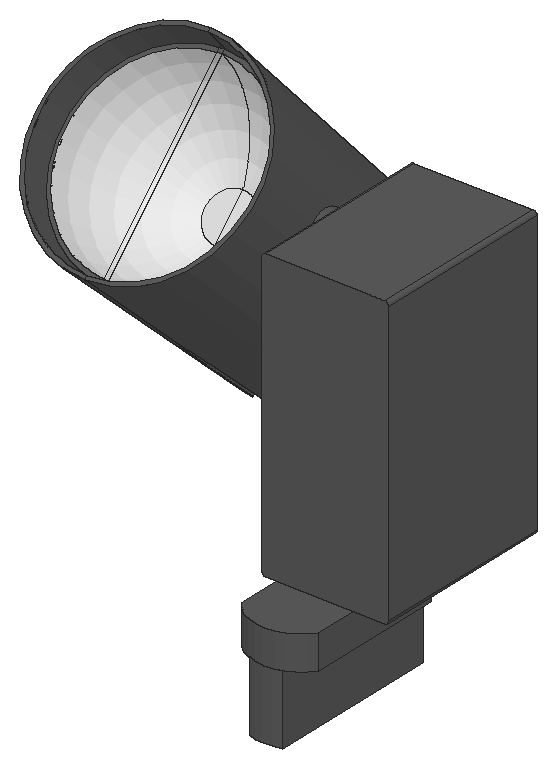
Revit family "0004835 Feilo Sylvania Lighting Fixture START TRACK SPOT S 14W 3K RA80 NB BLACK", category Lighting Fixtures, host Face, Revit 2017 (continued)
Definition of nested family "Start Track Spot Head"
  Types (96, lengths in mm): name | Wattage | built-in parameter 1150134 | Photometric Web File | Model | built-in parameter 1150105 | Lumens | built-in parameter 1150107 | built-in parameter 1150106 | HeadThickness_FEILO | HeadRibOffset_FEILO | HeadRibDepth_FEILO | HeadRibCutWidth_FEILO | HeadRibCutOffset_FEILO | HeadReflectorRadius_FEILO | HeadReflectorOffset_FEILO | HeadLEDRadius_FEILO | HeadHeight_FEILO | HeadDiffusorOffset_FEILO | HeadDiaOut_FEILO | HeadDiaIn_FEILO | HeadAxisFromTop_FEILO | Emit from Circle Diameter | built-in parameter 1150104 | Description | Apparent Load
    0004812 START TRACK SPOT S 14W 3K RA80 MB WHITE | 14 W | (empty or 0) | "0004812.ies" | "START TRACK SPOT S 14W 3K RA80 MB WHITE" | 120.32 (stored number, unit not read) | 1512 lm | 3000 (stored number, unit not read) | 1.2032 (stored number, unit not read) | 1.5 | 4.179 | 55.714 | 7.167 | 50.87 | 50.588 | 55.714 | 9.556 | 117 | 9.435 | 86 | 77.477 | 69.354 | 77.477 | 10.034 (stored number, unit not read) | "Integrated LED spotlight, Textured White - RAL9016, compact and minimalist design, ideal for retail applications, die-cast aluminium body, passive cooling heatsink. Beam angle: 36°, color temperature: 3000K , total system power: 14W, total fixture output: 1508 lm, LOR: 100%, colour rendering: Ra: 80 typical, LED Chromaticity: 3 step MacAdam ellipse, lifetime: >50000 hours at L70B50, energy class: A++, A+, A, IR/UV free light source without heat radiation, operating voltage: 220-240V / 50-60Hz, drive current: 350mA, electronic driver, non-dimmable, power factor: 0.92, electrical protection: Class II, Global Track 3 Phase adapter suitable for Global trac 3-circuit tracks, ingress protection rating: IP20, suitable for internal environment only, horizontal rotation: 355°, vertical tilt: 90°, dimensions: Ø86x140x200, weight: 0.940kg." | 14 VA
    0004811 START TRACK SPOT S 14W 3K RA80 NB WHITE | 14 W | (empty or 0) | "0004811.ies" | "START TRACK SPOT S 14W 3K RA80 NB WHITE" | 123.66 (stored number, unit not read) | 1554 lm | 3000 (stored number, unit not read) | 1.2366 (stored number, unit not read) | 1.5 | 4.179 | 55.714 | 7.167 | 50.87 | 50.588 | 55.714 | 9.556 | 117 | 9.435 | 86 | 77.477 | 69.354 | 77.477 | 10.312 (stored number, unit not read) | "Integrated LED spotlight, Textured White - RAL9016, compact and minimalist design, ideal for retail applications, die-cast aluminium body, passive cooling heatsink. Beam angle: 12°, color temperature: 3000K , total system power: 14W, total fixture output: 1551 lm, LOR: 100%, colour rendering: Ra: 80 typical, LED Chromaticity: 3 step MacAdam ellipse, lifetime: >50000 hours at L70B50, energy class: A++, A+, A, IR/UV free light source without heat radiation, operating voltage: 220-240V / 50-60Hz, drive current: 350mA, electronic driver, non-dimmable, power factor: 0.92, electrical protection: Class II, Global Track 3 Phase adapter suitable for Global trac 3-circuit tracks, ingress protection rating: IP20, suitable for internal environment only, horizontal rotation: 355°, vertical tilt: 90°, dimensions: Ø86x140x200, weight: 0.940kg." | 14 VA
  Reference planes
    plane 1 "Center (Front/Back)": y = 0
    plane 2: z = 0
    plane 3 "Center (Left/Right)": x = 0
    plane 4: x = 43
    plane 5: x = -43
    plane 6: x = -38.739
    plane 7: x = 38.739
    plane 8: z = 69.354
    plane 9: z = -47.646
    plane 10: x = -41.5
    plane 11: x = -37.239
    plane 12: z = -38.211
    plane 13: z = -35.211
    plane 14: z = 8.068
    plane 15: x = -9.556
    plane 16: x = -28.667
    plane 17: x = -19.111
    plane 18: x = -27.167
    plane 19: x = -17.611
    plane 20: x = -8.056
    plane 21: z = 13.64
    plane 22: x = -29.667
    plane 23: x = -26.167
    plane 24: x = -20.111
    plane 25: x = -16.611
    plane 26: x = -10.556
    plane 27: x = -7.056
    plane 28: x = -36.239
    plane 29: x = -40.5
    plane 30: z = 65.175
    plane 31: z = 60.997
    plane 32: z = 56.818
    plane 33: z = 18.484
    plane 34: y = -43
    plane 35: y = 43
    plane 36: y = 3.583
    plane 37: y = -3.583
    plane 38: y = -2.583
    plane 39: y = 2.583
    plane 40: y = 46
    plane 41: z = 13.5
    plane 42: z = -13.5
    plane 43: y = 39
    plane 44: x = 4.708
    plane 45: x = -2.458
    plane 46: x = -1.458
    plane 47: x = 1.458
  Forms (mm)
    Extrusion 1, solid
      sketch origin (4.2, 0, 0) x (1, 0, 0) y (0, 1, 0)
        loop
          line (-1219.2, 1219.2) -> (-1219.2, -1219.2) -> (1219.2, -1219.2) -> (1219.2, 1219.2) -> (-1219.2, 1219.2)
      from 0 to -68.017
    Revolve 2, solid, material <- "Material_1_FEILO", detail levels medium+fine
      sketch origin (0, 0, 0) x (1, 0, 0) y (0, 0, 1)
        loop
          line (-43, -47.646) -> (-41.5, -47.646) -> (-40.5, -35.211) -> (-38.739, -35.211)
          arc (-38.739, -35.211) -> (-30.16, -9.517) -> (-9.556, 8.068) r 50.588
          line (-9.556, 8.068) -> (0, 8.068) -> (0, 13.64) -> (-16.611, 13.64) -> (-17.611, 60.997) -> (-19.111, 60.997) -> (-20.111, 13.64) -> (-36.239, 13.64) -> (-37.239, 69.354) -> (-38.739, 69.354) -> (-43, -47.646)
        axis (0, 69.354) -> (0, -47.646)
      angle from 360 to 0
    Extrusion 3, void
      sketch origin (0, 0, 0) x (0, 1, 0) y (0, 0, 1)
        loop
          line (-3.583, 69.354) -> (-2.583, 18.484) -> (1.932, 18.484) -> (2.932, 69.354) -> (-3.583, 69.354)
      from 43 to -43
    Revolve 4, solid, material <- "Material_2_FEILO", detail levels medium+fine
      sketch origin (0, 0, 0) x (1, 0, 0) y (0, 0, 1)
        loop
          line (-41.5, -38.211) -> (0, -38.211) -> (0, -35.211) -> (-41.5, -35.211) -> (-41.5, -38.211)
        axis (0, -35.211) -> (0, -38.211)
      angle from 360 to 0
    Revolve 5, solid, material <- "Material_1_FEILO"
      sketch origin (0, 0, 0) x (0, 1, 0) y (0, 0, 1)
        loop
          line (46, 0) -> (39, 0) -> (39, -13.5) -> (46, -13.5) -> (46, 0)
        axis (39, 0) -> (46, 0)
      angle from 360 to 0
    Revolve 6, solid, material <- "Material_1_FEILO", detail levels medium+fine
      sketch origin (0, 0, 0) x (1, 0, 0) y (0, 0, 1)
        loop
          line (-29.667, 13.64) -> (-26.167, 13.64) -> (-27.167, 65.175) -> (-28.667, 65.175) -> (-29.667, 13.64)
        loop
          line (-10.556, 13.64) -> (-7.056, 13.64) -> (-7.833, 56.818) -> (-9.778, 56.818) -> (-10.556, 13.64)
        axis (0, 65.175) -> (0, 13.64)
      angle from 360 to 0
    Extrusion 7, void
      sketch origin (0, 0, 0) x (1, 0, 0) y (0, 0, 1)
        loop
          line (4.708, 69.354) -> (-2.458, 69.354) -> (-1.458, 13.64) -> (1.458, 13.64) -> (4.708, 69.354)
      from -43 to 43
    Revolve 8, solid, material <- "Material_1_FEILO", detail levels coarse
      sketch origin (0, 0, 0) x (1, 0, 0) y (0, 0, 1)
        loop
          line (0, 69.354) -> (-38.739, 69.354) -> (-43, -47.646) -> (-41.5, -47.646) -> (-40.731, -38.211) -> (0, -38.211) -> (0, 69.354)
        axis (0, 69.354) -> (0, -47.646)
      angle from 360 to 0
  Cuts and joins
    Extrusion 3 cuts Revolve 2
    Extrusion 7 cuts Revolve 6
  Dimensions and locks
    equal spacing: plane 7, plane 3 "Center (Left/Right)", plane 6
    equal spacing: plane 4, plane 3 "Center (Left/Right)", plane 5
    "HeadDiaOut_FEILO": plane 4 to plane 5
    "HeadDiaIn_FEILO": plane 7 to plane 6
    "HeadHeight_FEILO": plane 8 to plane 9
    "HeadThickness_FEILO": plane 10 to plane 5
    "HeadThickness_FEILO": plane 11 to plane 6
    "HeadDiffusorOffset_FEILO": plane 12 to plane 9
    "HeadDiffusorThickness_FEILO": plane 13 to plane 12
    "HeadReflectorOffset_FEILO": plane 14 to plane 9
    "HeadLEDRadius_FEILO": plane 3 "Center (Left/Right)" to plane 15
    "HeadLEDRadius_FEILO": plane 15 to plane 17
    "HeadLEDRadius_FEILO": plane 17 to plane 16
    "HeadThickness_FEILO": plane 18 to plane 16
    "HeadThickness_FEILO": plane 19 to plane 17
    "HeadThickness_FEILO": plane 20 to plane 15
    "HeadRibDepth_FEILO": plane 8 to plane 21
    "HeadDraft_FEILO": plane 16 to plane 22
    "HeadDraft_FEILO": plane 23 to plane 18
    "HeadDraft_FEILO": plane 17 to plane 24
    "HeadDraft_FEILO": plane 25 to plane 19
    "HeadDraft_FEILO": plane 15 to plane 26
    "HeadDraft_FEILO": plane 27 to plane 20
    "HeadDraft_FEILO": plane 29 to plane 10
    "HeadDraft_FEILO": plane 28 to plane 11
    "HeadRibOffset_FEILO": plane 8 to plane 30
    "HeadRibOffset_FEILO": plane 30 to plane 31
    "HeadRibOffset_FEILO": plane 31 to plane 32
    "HeadAxisFromTop_FEILO": plane 8 to plane 2
    "HeadRibCutOffset_FEILO": plane 8 to plane 33
    equal spacing: plane 34, plane 1 "Center (Front/Back)", plane 35
    "HeadDiaOut_FEILO": plane 34 to plane 35
    equal spacing: plane 38, plane 1 "Center (Front/Back)", plane 39
    equal spacing: plane 37, plane 1 "Center (Front/Back)", plane 36
    "HeadRibCutWidth_FEILO": plane 37 to plane 36
    "HeadDraft_FEILO": plane 37 to plane 38
    locked: plane 35 to plane 40 at 3
    equal spacing: plane 41, plane 2, plane 42
    locked: plane 42 to plane 41 at 27
    locked: plane 43 to plane 35 at 4
    equal spacing: plane 45, imposter light, plane 44
    "HeadDraft_FEILO": plane 46 to plane 45
    "HeadRibCutWidth_FEILO": plane 44 to plane 45
    equal spacing: plane 47, plane 3 "Center (Left/Right)", plane 46
    "HeadReflectorRadius_FEILO": radius of Revolve 2 sketch curve
    aligned and locked: plane 2 to Extrusion 1
    aligned and locked: level to Extrusion 1
    aligned and locked: Revolve 2 sketch curve to plane 3 "Center (Left/Right)"  (x2)
    aligned and locked: plane 9 to Revolve 2 sketch curve  (x2)
    aligned and locked: plane 5 to Revolve 2 sketch curve
    aligned and locked: plane 10 to Revolve 2 sketch curve
    aligned and locked: plane 14 to Revolve 2 sketch curve
    aligned and locked: plane 8 to Revolve 2 sketch curve
    aligned and locked: Revolve 2 sketch curve to plane 13
    aligned and locked: plane 12 to Revolve 4 sketch curve
    aligned and locked: plane 3 "Center (Left/Right)" to Revolve 4 sketch curve
    aligned and locked: Revolve 4 sketch curve to plane 10
    aligned and locked: Revolve 4 sketch curve to plane 3 "Center (Left/Right)"
    aligned and locked: plane 12 to imposter light
    aligned and locked: imposter light to plane 1 "Center (Front/Back)"
    aligned and locked: Revolve 5 sketch curve to plane 2
    aligned and locked: plane 43 to Revolve 5 sketch curve
    aligned and locked: plane 42 to Revolve 5 sketch curve
    aligned and locked: Revolve 6 sketch curve to plane 3 "Center (Left/Right)"
    aligned and locked: plane 22 to Revolve 6 sketch curve
    aligned and locked: plane 30 to Revolve 6 sketch curve
    aligned and locked: plane 23 to Revolve 6 sketch curve
    aligned and locked: Revolve 6 sketch curve to plane 21  (x2)
    aligned and locked: plane 21 to Revolve 6 sketch curve
    aligned and locked: plane 17 to Revolve 2 sketch curve
    aligned and locked: plane 19 to Revolve 2 sketch curve
    aligned and locked: plane 31 to Revolve 2 sketch curve
    aligned and locked: plane 21 to Revolve 2 sketch curve
    aligned and locked: Extrusion 3 to plane 8
    aligned and locked: plane 33 to Extrusion 3
    aligned and locked: plane 8 to Extrusion 3 sketch curve
    aligned and locked: Extrusion 3 sketch curve to plane 33
    aligned and locked: Extrusion 3 to plane 5
    aligned and locked: plane 4 to Extrusion 3
    aligned and locked: plane 32 to Revolve 6 sketch curve
    aligned and locked: plane 44 to Extrusion 7 sketch curve
    aligned and locked: Extrusion 7 sketch curve to plane 8
    aligned and locked: plane 46 to Extrusion 7 sketch curve
    aligned and locked: plane 21 to Extrusion 7 sketch curve
    aligned and locked: plane 34 to Extrusion 7
    aligned and locked: Extrusion 7 to plane 35
    aligned and locked: Revolve 4 sketch curve to plane 13
    aligned and locked: Revolve 5 sketch curve to plane 40
    aligned and locked: Revolve 8 sketch curve to plane 3 "Center (Left/Right)"
    aligned and locked: Revolve 8 sketch curve to cut or joined group of Revolve 2, Extrusion 3  (x3)
    aligned and locked: plane 5 to Revolve 8 sketch curve
    aligned and locked: plane 3 "Center (Left/Right)" to Revolve 8 sketch curve
    aligned and locked: plane 12 to Revolve 8 sketch curve
  Automatic sketch dimensions
    Extrusion 1 sketch curve to Extrusion 1 sketch curve = 2438.4 mm  (x2)
    Extrusion 3 sketch curve to plane 37 = 0 mm
    Extrusion 3 sketch curve to plane 38 = 0 mm
    plane 39 to Extrusion 3 sketch curve = 0.651 mm
    Extrusion 3 sketch curve to plane 39 = 0.349 mm
    Revolve 6 sketch curve to plane 16 = 0 mm
    Revolve 6 sketch curve to plane 18 = 0 mm
    Revolve 6 sketch curve to plane 26 = 0 mm
    Revolve 6 sketch curve to plane 27 = 0 mm
    Revolve 6 sketch curve to plane 15 = 0.222 mm
    plane 9 to Revolve 6 sketch curve = 559.103 mm
    Revolve 6 sketch curve to plane 8 = 2535.555 mm
    plane 20 to Revolve 6 sketch curve = 0.222 mm
    Revolve 2 sketch curve to plane 29 = 0 mm
    Revolve 2 sketch curve to plane 6 = 0 mm  (x2)
    Revolve 2 sketch curve to plane 11 = 0 mm
    Revolve 2 sketch curve to plane 21 = 0 mm
    Revolve 2 sketch curve to plane 28 = 0 mm
    Revolve 2 sketch curve to plane 24 = 0 mm
    Revolve 2 sketch curve to plane 25 = 0 mm
    Revolve 2 sketch curve to plane 15 = 0 mm
    Revolve 2 sketch curve to Revolve 2 sketch curve = 557.155 mm
    Revolve 2 sketch curve to plane 8 = 2535.558 mm
    Extrusion 7 sketch curve to plane 45 = 0 mm
    Extrusion 7 sketch curve to plane 47 = 0 mm
    plane 9 to Revolve 4 sketch curve = 559.103 mm
    Revolve 4 sketch curve to plane 8 = 2535.555 mm
    Revolve 5 sketch curve to level = 0 mm
    plane 34 to Revolve 5 sketch curve = 1968.092 mm
    Revolve 5 sketch curve to plane 40 = 1405.763 mm
    Revolve 8 sketch curve to plane 6 = 0 mm
    Revolve 8 sketch curve to plane 29 = 0.231 mm
    plane 9 to Revolve 8 sketch curve = 559.103 mm
    Revolve 8 sketch curve to Revolve 8 sketch curve = 2535.555 mm
Definition of nested family "Start Track Spot Box"
  Parameters (values of type "Type Large White")
    URL = "http://www.feilosylvania.com"
    Type Image = (empty or 0)
    Type Comments = "n/a"
    Small_FEILO = no
    Material_3_FEILO = none
    Model = ""
    Manufacturer = "Feilo Sylvania"
    Keynote = ""
    Material_2_FEILO = none
    Description = ""
    Default Elevation = 1219.2 mm
    Cost = 0
    Material_1_FEILO = none
    BoxWidth_FEILO = 49 mm
    BoxStartAngle_FEILO [instance] = 0.00°
    BoxRadius_FEILO = 1.5 mm
    BoxHeight_FEILO = if(Small_FEILO, 112 mm, 136 mm)  # 136 mm
    BoxEndAngle_FEILO [instance] = BoxStartAngle_FEILO - 180.00°  # -180.00°
    BoxDepth_FEILO = if(Small_FEILO, 71.5 mm, 79 mm)  # 79 mm
    BoxAxisVerticalOffset_FEILO = 16 mm
    BoxAxisOffset_FEILO = BoxHeight_FEILO / 6.8  # 20 mm
    Assembly Code = ""
    Material_4_FEILO = none
  Types (4, lengths in mm): name | Small_FEILO | BoxHeight_FEILO | BoxDepth_FEILO | BoxAxisOffset_FEILO
    Type Large White | no | 136 | 79 | 20
    Type Small White | yes | 112 | 71.5 | 16.471
    Type Small Black | yes | 112 | 71.5 | 16.471
    Type Large Black | no | 136 | 79 | 20
  Reference planes
    plane 1 "Center (Front/Back)": y = 0
    plane 2: z = 0
    plane 3 "Center (Left/Right)": x = 0
    plane 4: x = 24.5
    plane 5: x = -24.5
    plane 6: y = 68
    plane 7: y = -68
    plane 8: z = 39.5
    plane 9: z = -39.5
    plane 10: y = -48
    plane 11: x = 30.5
    plane 12: x = 8.5
    plane 13: x = 21.5
    plane 14: y = 70
    plane 15: y = 72
    plane 16: x = 19.5
  Forms (mm)
    Extrusion 1, solid
      sketch origin (4.2, 0, 0) x (1, 0, 0) y (0, 1, 0)
        loop
          line (-1219.2, 1219.2) -> (-1219.2, -1219.2) -> (1219.2, -1219.2) -> (1219.2, 1219.2) -> (-1219.2, 1219.2)
      from 0 to -68.017
    Extrusion 2, solid, material <- "Material_1_FEILO"
      sketch origin (0, 0, 0) x (1, 0, 0) y (0, 1, 0)
        loop
          arc (-23, 68) -> (-24.061, 67.561) -> (-24.5, 66.5) r 1.5
          line (-24.5, 66.5) -> (-24.5, -66.5)
          arc (-24.5, -66.5) -> (-24.061, -67.561) -> (-23, -68) r 1.5
          line (-23, -68) -> (23, -68)
          arc (23, -68) -> (24.061, -67.561) -> (24.5, -66.5) r 1.5
          line (24.5, -66.5) -> (24.5, 66.5)
          arc (24.5, 66.5) -> (24.061, 67.561) -> (23, 68) r 1.5
          line (23, 68) -> (-23, 68)
      from -39.5 to 39.5
    Revolve 3, solid, not visible
      sketch origin (0, 0, 0) x (1, 0, 0) y (0, 1, 0)
        loop
          line (30.5, -48) -> (24.5, -48) -> (24.5, -68) -> (30.5, -68) -> (30.5, -48)
        axis (30.5, -48) -> (24.5, -48)
      angle from 0 <- "BoxStartAngle_FEILO" to -180 <- "BoxEndAngle_FEILO"
    Revolve 4, solid, material <- "Material_2_FEILO"
      sketch origin (0, 0, 0) x (1, 0, 0) y (0, 1, 0)
        loop
          line (8.5, 68) -> (19.5, 68) -> (19.5, 70) -> (21.5, 70) -> (21.5, 72) -> (8.5, 72) -> (8.5, 68)
        axis (8.5, 72) -> (8.5, 68)
      angle from 360 to 0
  Dimensions and locks
    equal spacing: plane 5, plane 3 "Center (Left/Right)", plane 4
    "BoxWidth_FEILO": plane 5 to plane 4
    equal spacing: plane 7, plane 1 "Center (Front/Back)", plane 6
    "BoxHeight_FEILO": plane 7 to plane 6
    equal spacing: plane 8, plane 2, plane 9
    "BoxDepth_FEILO": plane 8 to plane 9
    "BoxAxisOffset_FEILO": plane 7 to plane 10
    locked: plane 4 to plane 11 at 6
    "BoxAxisVerticalOffset_FEILO": plane 12 to plane 4
    locked: plane 12 to plane 13 at 13
    plane 6 to plane 14 to plane 15 = 2 mm locked, 2 mm locked
    locked: plane 12 to plane 16 at 11
    "BoxRadius_FEILO": radius of Extrusion 2 sketch curve  (x4)
    aligned and locked: plane 2 to Extrusion 1
    aligned and locked: level to Extrusion 1
    aligned and locked: plane 6 to Extrusion 2 sketch curve
    aligned and locked: plane 5 to Extrusion 2 sketch curve
    aligned and locked: Extrusion 2 sketch curve to plane 7
    aligned and locked: Extrusion 2 sketch curve to plane 4
    aligned and locked: Extrusion 2 to plane 8
    aligned and locked: plane 9 to Extrusion 2
    aligned and locked: Revolve 3 sketch curve to plane 10  (x2)
    aligned and locked: plane 11 to Revolve 3 sketch curve
    aligned and locked: Revolve 3 sketch curve to plane 4
    aligned and locked: plane 7 to Revolve 3 sketch curve
    aligned and locked: Revolve 4 sketch curve to plane 12
    aligned and locked: plane 6 to Revolve 4 sketch curve
    aligned and locked: plane 12 to Revolve 4 sketch curve
    aligned and locked: plane 15 to Revolve 4 sketch curve
    aligned and locked: Revolve 4 sketch curve to plane 13
    aligned and locked: Revolve 4 sketch curve to plane 14
    aligned and locked: Revolve 4 sketch curve to plane 16
    aligned and locked: Revolve 4 sketch curve to plane 6
  Automatic sketch dimensions
    Extrusion 1 sketch curve to Extrusion 1 sketch curve = 2438.4 mm  (x2)
    Revolve 3 sketch curve to plane 5 = 1499.5 mm
    plane 11 to Revolve 3 sketch curve = 1493.5 mm
    plane 15 to Revolve 4 sketch curve = 0 mm
    plane 7 to Revolve 4 sketch curve = 1456 mm
    Revolve 4 sketch curve to plane 15 = 1452 mm
